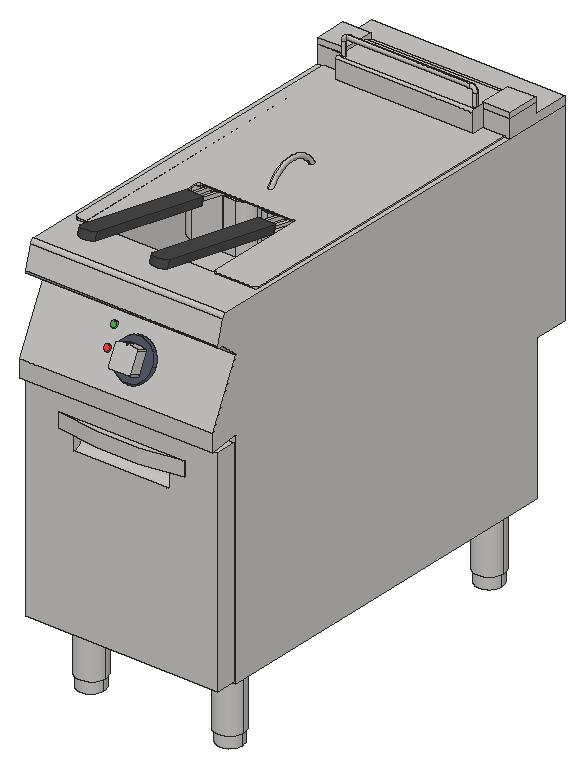
Revit family "QF_ZANUSSI_392094_Z9FRED1HF0", category Specialty Equipment, Revit 2018
Family settings
  Round Connector Dimension = Use Diameter
  Part Type = Normal
  Work Plane-Based = No
  Always vertical = Yes
  Cut with Voids When Loaded = No
  Shared = No
  Room Calculation Point = No
Parameters
  Width = 400 mm  # constant formula
  Weight in Pounds = 50  # constant formula
  Weight = 0.00 kg
  Watts = 10000 W  # constant formula
  Volts = 400 V  # constant formula
  URL Manufacturer = "http://www.zanussiprofessional.com"
  URL Cutsheet = "www.electrolux.com/foodservice"
  URL = "http://www.zanussiprofessional.com"
  Type Mark [instance] = ""
  Steam Supply Size = 0"
  Steam Supply Minimum Pressure = 0.00 psi
  Steam Supply Maximum Pressure = 0.00 psi
  Steam Pounds per Hour = 0
  Status [instance] = ""
  Specification by User [instance] = ""
  Specification by Manufacturer = ""
  Show Logo [instance] = yes
  Show Clearance [instance] = yes
  Serial Number = ""
  Seismic Rating = ""
  SMACNA No = ""
  Revision Code [instance] = ""
  Refrigeration Suction Line Size = 0"
  Refrigeration Liquid Line Size = 0"
  Refrigerant Compressor Remote = yes
  Phase = 3
  Omniclass Number and Title = ""
  Number of Poles [instance] = 1
  NAFEM Spec ID Number = ""
  Model = "Z9FRED1HF0"
  Min Ckt Ampacity = 0 A
  Max Overcurrent Protection = 0 A
  Masterspec = ""
  Manufacturer = "Zanussi"
  Length Actual = 400 mm  # constant formula
  Item Number [instance] = "392094"
  Installed By [instance] = ""
  Identify Quantity as Lot [instance] = yes
  Hot Water Size = 0"
  Height Actual = 850 mm  # constant formula
  Height = 850 mm  # constant formula
  HP = "22.1 HP"
  Gas Size = 0"
  Gas KW = 0
  Gas Input = 0.0 Btu/h
  Furnished By [instance] = ""
  Foodservice Equipment Identifier [instance] = yes
  FL Amps = if(Phase = 3, Watts / (Volts * 1.73), Watts / Volts)  # 14.4509 A
  Electrical Remarks [instance] = "400 V/3N ph/50/60 Hz"  # constant formula
  Electric Connection Type [instance] = ""
  Elec Conn RI Height [instance] = 0 mm
  Elec Conn Connection Height [instance] = 0 mm
  Direct Waste Size = 0"
  Description = "18LT EL.FRYER-1 WELL+2 1/2 BASKETS"
  Depth Actual = 900 mm  # constant formula
  Depth = 915 mm  # constant formula
  Cycle [instance] = if([60 Hertz Option], 60 Hz, 50 Hz)  # 60 Hz
  Conn Plug = ""
  Conn Conduit = yes
  Condensate Return Size = 0"
  Compressed Air Volume = 0 GPM
  Compressed Air Size = 0"
  Compressed Air Pressure = 0.00 psi
  Cold Water Size = 0"
  CSI MasterFormat = ""
  CSI Master Format = ""
  Base Height [instance] = 150 mm  # constant formula
  Apparent Power = if(Phase = 3, Volts * FL Amps * 1.73, Volts * FL Amps)  # 10000 VA
  Accessory = yes
  60 Hertz Option [instance] = not([50 Hertz Option])  # yes
  50 Hertz Option [instance] = no
Reference planes
  plane 1 "BACK": y = 0
  plane 2: z = 0
  plane 3 "LEFT": x = 0
  plane 4 "RIGHT": x = 400
  plane 5 "FRONT": y = -915
  plane 6 "TOP": z = 908
  plane 7 "Center Y": x = 200
  plane 8 "Center X": y = -457.5
  plane 9 "BASE": z = 600
  plane 10 "TOP A": z = 850
  plane 11: z = 150
  plane 12: y = -126
  plane 13: y = -800
  plane 14: x = 344
  plane 15: x = 56
  plane 16: x = 344
  plane 17: y = -650
  plane 18: z = 920
  plane 19: z = 930
  plane 20: y = -1273
  plane 21: x = 355
  plane 22: y = -1455
  plane 23: z = 934
Forms (mm)
  Extrusion 1, solid, material "QF_Finishes_Stainless Steel"
    sketch origin (0, 0, 0) x (0, 1, 0) y (0, 0, 1)
      loop
        line (0, 450.038) -> (0, 850) -> (-879.358, 850)
        arc (-879.358, 850) -> (-884.643, 847.811) -> (-886.833, 842.526) r 7.474
        line (-886.833, 842.526) -> (-899.884, 797.011)
        arc (-899.884, 797.011) -> (-899.396, 794.379) -> (-897, 793.184) r 3
        line (-897, 793.184) -> (-886.802, 793.184) -> (-854.982, 761.364) -> (-915, 640.508) -> (-915, 605.508) -> (-858.645, 613.428)
        arc (-858.645, 613.428) -> (-856.101, 612.674) -> (-855, 610.259) r 3.2
        line (-855, 610.259) -> (-855, 150) -> (-71.437, 150) -> (-71.437, 450.038) -> (0, 450.038)
      loop
        line (-900, 600) -> (-900, 155) -> (-860, 155) -> (-860, 600) -> (-900, 600)
    from 0 to 400
  Extrusion 2, void
    sketch origin (0, 0, 850) x (-1, 0, 0) y (0, -1, 0)
      loop
        line (-33.338, 141.304) -> (-33.338, 787.143) -> (-366.662, 787.143) -> (-366.662, 141.304) -> (-33.338, 141.304)
    from 0 to -152.4
  Extrusion 3, solid, material "QF_Finishes_Stainless Steel"
    sketch origin (0, 0, 850) x (-1, 0, 0) y (0, -1, 0)
      loop
        arc (-11.548, 780.793) -> (-13.408, 785.283) -> (-17.898, 787.143) r 6.35
        line (-17.898, 787.143) -> (-90.863, 787.143)
        arc (-90.863, 787.143) -> (-95.353, 785.283) -> (-97.213, 780.793) r 6.35
        line (-97.213, 780.793) -> (-97.213, 579.046)
        arc (-97.213, 579.046) -> (-99.072, 574.555) -> (-103.563, 572.696) r 6.35
        line (-103.563, 572.696) -> (-293.937, 572.696)
        arc (-293.937, 572.696) -> (-298.428, 574.555) -> (-300.287, 579.046) r 6.35
        line (-300.287, 579.046) -> (-300.287, 780.818)
        arc (-300.287, 780.818) -> (-302.14, 785.291) -> (-306.613, 787.143) r 6.325
        line (-306.613, 787.143) -> (-382.102, 787.143)
        arc (-382.102, 787.143) -> (-386.592, 785.283) -> (-388.452, 780.793) r 6.35
        line (-388.452, 780.793) -> (-388.452, 141.304) -> (-11.548, 141.304) -> (-11.548, 780.793)
    from 0 to 2.574
  Sweep 4, solid, material "QF_Finishes_Stainless Steel"
    path origin (200, 10.469, 0) x (0, 1, 0) y (0, 0, 1)
      loop
        arc (-415.761, 850) -> (-470.2, 883.779) -> (-524.639, 850) r 60.757
    profile origin (200, -459.731, 883.779) x (0, 0, -1) y (1, 0, 0)
      loop
        circle (0, 0) r 4.353
  Extrusion 5, solid, material "QF_Clearances", visible <- "Show Clearance", detail levels coarse
    sketch origin (0, 0, 0) x (1, 0, 0) y (0, 1, 0)
      loop
        line (0, -915) -> (0, 0) -> (400, 0) -> (400, -915) -> (550.019, -915) -> (550.019, 150.019) -> (-150.019, 150.019) -> (-150.019, -915) -> (0, -915)
    from 0 to 908
  Revolve 6, solid, material "QF_Finishes_Stainless Steel"
    sketch origin (0, -126, 608.09) x (0, 0, 1) y (-1, 0, 0)
      loop
        line (-608.09, -56) -> (-458.09, -56) -> (-458.09, -26) -> (-583.09, -26) -> (-583.09, -29.75) -> (-608.09, -29.75) -> (-608.09, -56)
      axis (-608.09, -56) -> (-458.09, -56)
    angle from 0 to 360
  Revolve 7, solid, material "QF_Finishes_Stainless Steel"
    sketch origin (400.05, -126, 608.09) x (0, 0, 1) y (-1, 0, 0)
      loop
        line (-608.09, 56.05) -> (-608.09, 29.8) -> (-583.09, 29.8) -> (-583.09, 26.05) -> (-458.09, 26.05) -> (-458.09, 56.05) -> (-608.09, 56.05)
      axis (-608.09, 56.05) -> (-458.09, 56.05)
    angle from 0 to 360
  Revolve 8, solid, material "QF_Finishes_Stainless Steel"
    sketch origin (400.05, -800, 608.09) x (0, 0, 1) y (-1, 0, 0)
      loop
        line (-608.09, 56.05) -> (-608.09, 29.8) -> (-583.09, 29.8) -> (-583.09, 26.05) -> (-458.09, 26.05) -> (-458.09, 56.05) -> (-608.09, 56.05)
      axis (-608.09, 56.05) -> (-458.09, 56.05)
    angle from 0 to 360
  Revolve 9, solid, material "QF_Finishes_Stainless Steel"
    sketch origin (0, -800, 608.09) x (0, 0, 1) y (1, 0, 0)
      loop
        line (-608.09, 56) -> (-608.09, 29.75) -> (-583.09, 29.75) -> (-583.09, 26) -> (-458.09, 26) -> (-458.09, 56) -> (-608.09, 56)
      axis (-608.09, 56) -> (-458.09, 56)
    angle from 0 to 360
  Extrusion 10, solid, material "QF_Finishes_Mesh"
    sketch origin (-0.005, -64.779, 844.25) x (-1, 0, 0) y (0, -1, 0)
      loop
        arc (-76.6, 120.481) -> (-58.64, 127.92) -> (-51.2, 145.881) r 25.4
        line (-51.2, 145.881) -> (-51.2, 473.61)
        arc (-51.2, 473.61) -> (-58.64, 491.571) -> (-76.6, 499.01) r 25.4
        line (-76.6, 499.01) -> (-166.875, 499.01)
        arc (-166.875, 499.01) -> (-184.836, 491.571) -> (-192.275, 473.61) r 25.4
        line (-192.275, 473.61) -> (-192.275, 145.881)
        arc (-192.275, 145.881) -> (-184.836, 127.92) -> (-166.875, 120.481) r 25.4
        line (-166.875, 120.481) -> (-76.6, 120.481)
      loop
        arc (-76.6, 123.656) -> (-60.885, 130.165) -> (-54.375, 145.881) r 22.225
        line (-54.375, 145.881) -> (-54.375, 473.61)
        arc (-54.375, 473.61) -> (-60.885, 489.326) -> (-76.6, 495.835) r 22.225
        line (-76.6, 495.835) -> (-166.875, 495.835)
        arc (-166.875, 495.835) -> (-182.591, 489.326) -> (-189.1, 473.61) r 22.225
        line (-189.1, 473.61) -> (-189.1, 145.881)
        arc (-189.1, 145.881) -> (-182.591, 130.165) -> (-166.875, 123.656) r 22.225
        line (-166.875, 123.656) -> (-76.6, 123.656)
    from -109 to -5.315
  Extrusion 11, solid, material "QF_Finishes_Stainless Steel"
    sketch origin (0, 65, 150) x (-1, 0, 0) y (0, 1, 0)
      loop
        circle (-355, -715) r 6.35
    from -42.288 to -11.979
  Extrusion 12, solid, material "QF_Clearances", visible <- "Show Clearance", detail levels coarse
    sketch origin (0, 0, 850) x (-1, 0, 0) y (0, -1, 0)
      loop
        line (-80, 885) -> (-80, 1455) -> (-320, 1455) -> (-320, 885) -> (-80, 885)
    from -695 to -250
  Extrusion 13, solid, material "QF_Finishes_Door Clearance", visible <- "Show Clearance", detail levels coarse
    sketch origin (0, -200, 850) x (-1, 0, 0) y (0, -1, 0)
      loop
        line (-400, 1071.999) -> (-400, 672.137) -> (-0.138, 672.137)
        arc (-0.138, 672.137) -> (-117.295, 954.842) -> (-400, 1071.999) r 400
    from -695 to -250
  Extrusion 14, solid, material "QF_Finishes_Stainless Steel"
    sketch origin (-77.88, -4772, 130) x (-1, 0, 0) y (0, -1, 0)
      loop
        arc (-147.606, -3871.085) -> (-277.88, -3857) -> (-408.153, -3871.085) r 609.497
        line (-408.153, -3871.085) -> (-408.153, -3872) -> (-147.606, -3872) -> (-147.606, -3871.085)
    from 400 to 430
  Extrusion 15, void
    sketch origin (200, -227.863, -20) x (0, 1, 0) y (0, 0, 1)
      loop
        line (-672.137, 567) -> (-672.137, 517)
        arc (-672.137, 517) -> (-656.47, 524.721) -> (-650.137, 541) r 24.091
        line (-650.137, 541) -> (-650.137, 567) -> (-672.137, 567)
    from -100 to 100
  Blend 16, solid, material "QF_Finishes_Navy Blue"
    base sketch origin (215, -884.991, 700.936) x (1, 0, 0) y (0, 0.444781, 0.895639)
      loop
        circle (0, 0) r 42.5
    top sketch origin (215, -884.991, 700.936) x (1, 0, 0) y (0, 0.444781, 0.895639)
      loop
        circle (0, 0) r 40.5
    from 0 to 5
  Extrusion 17, solid, material "QF_Finishes_Stainless Steel"
    sketch origin (-17.5, -884.991, 700.936) x (1, 0, 0) y (0, 0.444781, 0.895639)
      loop
        arc (211.353, 22.789) -> (210.006, 21.685) -> (209.5, 20.019) r 2.997
        line (209.5, 20.019) -> (209.5, -20.019)
        arc (209.5, -20.019) -> (210.378, -22.138) -> (212.497, -23.016) r 2.997
        line (212.497, -23.016) -> (252.503, -23.016)
        arc (252.503, -23.016) -> (254.622, -22.138) -> (255.5, -20.019) r 2.997
        line (255.5, -20.019) -> (255.5, 20.019)
        arc (255.5, 20.019) -> (254.994, 21.685) -> (253.647, 22.789) r 2.997
        arc (253.647, 22.789) -> (232.5, 26.984) -> (211.353, 22.789) r 55.4
    from 10 to 34
  Extrusion 18, solid, material "QF_Plastic-Black-Matte"
    sketch origin (157.5, -884.991, 700.936) x (0, 0.444781, 0.895639) y (0, 0.895639, -0.444781)
      loop
        line (26.984, -34) -> (23.984, -34) -> (23.984, -35) -> (26.984, -35)
        arc (26.984, -35) -> (27.691, -34.707) -> (27.984, -34) r 1
        line (27.984, -34) -> (27.984, -19) -> (26.984, -19) -> (26.984, -34)
    from -58.5 to -56.5
  Extrusion 19, solid, material "QF_Finishes_Stainless Steel"
    sketch origin (215, -884.991, 700.936) x (-1, 0, 0) y (0, -0.444781, -0.895639)
      loop
        line (17.5, -17.5) -> (17.5, 17.5) -> (-17.5, 17.5) -> (-17.5, -17.5) -> (17.5, -17.5)
    from 5 to 10
  Extrusion 20, solid, material "QF_Finishes_Green"
    sketch origin (-242.5, -1029.045, 410.86) x (0, 0.444781, 0.895639) y (-1, 0, 0)
      loop
        circle (366.376, -400) r 6
    from 0 to 1.6
  Extrusion 21, solid, material "QF_Finishes_Red"
    sketch origin (-242.5, -1047.155, 374.393) x (0, 0.444781, 0.895639) y (-1, 0, 0)
      loop
        circle (366.376, -400) r 6
    from 0 to 1.6
  Extrusion 22, solid, material "QF_Finishes_Stainless Steel"
    sketch origin (190.933, 109.885, 107.43) x (0, 0.984808, 0.173648) y (0, -0.173648, 0.984808)
      loop
        line (-545.228, 740.809) -> (-527.301, 842.477) -> (-586.235, 865.45) -> (-588.541, 859.533) -> (-534.459, 838.452) -> (-551.481, 741.912) -> (-545.228, 740.809)
    from -80.476 to -74.619
  Extrusion 23, solid, material "QF_Finishes_Stainless Steel"
    sketch origin (59.058, 109.885, 107.43) x (0, 0.984808, 0.173648) y (0, 0.173648, -0.984808)
      loop
        line (-527.301, -842.477) -> (-545.228, -740.809) -> (-551.481, -741.912) -> (-534.459, -838.452) -> (-588.541, -859.533) -> (-586.235, -865.45) -> (-527.301, -842.477)
    from -80.476 to -74.619
  Extrusion 24, solid, material "QF_Finishes_Black"
    sketch origin (59.004, -830.695, 905.392) x (0, 0.980628, -0.195878) y (-1, 0, 0)
      loop
        arc (-64.349, -47.345) -> (-74.576, -65.962) -> (-64.349, -84.58) r 22.059
        line (-64.349, -84.58) -> (214.638, -84.58)
        arc (214.638, -84.58) -> (217.113, -83.554) -> (218.138, -81.08) r 3.5
        line (218.138, -81.08) -> (218.138, -50.854)
        arc (218.138, -50.854) -> (217.11, -48.372) -> (214.629, -47.345) r 3.509
        line (214.629, -47.345) -> (-64.349, -47.345)
    from -15.884 to 0
  Sweep 25, solid, material "QF_Finishes_Stainless Steel"
    path origin (-1.25, 0, -1) x (1, 0, 0) y (0, 0, 1)
      loop
        line (67.188, 851) -> (67.188, 922.65)
        arc (67.188, 922.65) -> (69.047, 927.14) -> (73.538, 929) r 6.35
        line (73.538, 929) -> (329.725, 929)
        arc (329.725, 929) -> (334.215, 927.14) -> (336.075, 922.65) r 6.35
        line (336.075, 922.65) -> (336.075, 851)
    profile origin (65.938, 0, 885.825) x (-1, 0, 0) y (0, -1, 0)
      loop
        circle (2.09, 153.254) r 3.827
  Extrusion 26, solid, material "QF_Finishes_Stainless Steel"
    sketch origin (200, 0, -1) x (0, 1, 0) y (0, 0, 1)
      loop
        line (-141.304, 888.806) -> (-141.304, 851) -> (0, 851) -> (0, 869.806) -> (-75.122, 869.806) -> (-75.122, 888.806) -> (-141.304, 888.806)
    from -200 to 200
  Extrusion 27, solid, material "QF_Finishes_Stainless Steel"
    sketch origin (0, 0, -1) x (0, 1, 0) y (0, 0, 1)
      loop
        line (-90.124, 895.625) -> (-161.384, 895.625)
        arc (-161.384, 895.625) -> (-164.92, 894.161) -> (-166.384, 890.625) r 5
        line (-166.384, 890.625) -> (-166.384, 851) -> (-90.124, 851) -> (-90.124, 895.625)
    from 57.61 to 342.39
  Extrusion 28, solid, material "QF_Finishes_Stainless Steel"
    sketch origin (200, -141.304, 887.806) x (0, 1, 0) y (-1, 0, 0)
      loop
        line (0, 200) -> (0, 142.39) -> (66.182, 142.39) -> (66.182, 200) -> (0, 200)
      loop
        line (0, -200) -> (66.182, -200) -> (66.182, -142.39) -> (0, -142.39) -> (0, -200)
    from 0 to 11.194
  Extrusion 29, solid, material "QF_Finishes_Stainless Steel"
    sketch origin (340.933, 109.885, 107.43) x (0, 0.984808, 0.173648) y (0, -0.173648, 0.984808)
      loop
        line (-545.228, 740.809) -> (-527.301, 842.477) -> (-586.235, 865.45) -> (-588.541, 859.533) -> (-534.459, 838.452) -> (-551.481, 741.912) -> (-545.228, 740.809)
    from -80.476 to -74.619
  Extrusion 30, solid, material "QF_Finishes_Stainless Steel"
    sketch origin (209.058, 109.885, 107.43) x (0, 0.984808, 0.173648) y (0, 0.173648, -0.984808)
      loop
        line (-527.301, -842.477) -> (-545.228, -740.809) -> (-551.481, -741.912) -> (-534.459, -838.452) -> (-588.541, -859.533) -> (-586.235, -865.45) -> (-527.301, -842.477)
    from -80.476 to -74.619
  Extrusion 31, solid, material "QF_Finishes_Black"
    sketch origin (209.004, -830.695, 905.392) x (0, 0.980628, -0.195878) y (-1, 0, 0)
      loop
        arc (-64.349, -47.345) -> (-74.576, -65.962) -> (-64.349, -84.58) r 22.059
        line (-64.349, -84.58) -> (214.638, -84.58)
        arc (214.638, -84.58) -> (217.113, -83.554) -> (218.138, -81.08) r 3.5
        line (218.138, -81.08) -> (218.138, -50.854)
        arc (218.138, -50.854) -> (217.11, -48.372) -> (214.629, -47.345) r 3.509
        line (214.629, -47.345) -> (-64.349, -47.345)
    from -15.884 to 0
  Extrusion 32, solid, material "QF_Finishes_Mesh"
    sketch origin (400.005, -64.779, 844.25) x (1, 0, 0) y (0, 1, 0)
      loop
        line (-76.6, -120.481) -> (-166.875, -120.481)
        arc (-166.875, -120.481) -> (-184.836, -127.92) -> (-192.275, -145.881) r 25.4
        line (-192.275, -145.881) -> (-192.275, -473.61)
        arc (-192.275, -473.61) -> (-184.836, -491.571) -> (-166.875, -499.01) r 25.4
        line (-166.875, -499.01) -> (-76.6, -499.01)
        arc (-76.6, -499.01) -> (-58.64, -491.571) -> (-51.2, -473.61) r 25.4
        line (-51.2, -473.61) -> (-51.2, -145.881)
        arc (-51.2, -145.881) -> (-58.64, -127.92) -> (-76.6, -120.481) r 25.4
      loop
        line (-76.6, -123.656) -> (-166.875, -123.656)
        arc (-166.875, -123.656) -> (-182.591, -130.165) -> (-189.1, -145.881) r 22.225
        line (-189.1, -145.881) -> (-189.1, -473.61)
        arc (-189.1, -473.61) -> (-182.591, -489.326) -> (-166.875, -495.835) r 22.225
        line (-166.875, -495.835) -> (-76.6, -495.835)
        arc (-76.6, -495.835) -> (-60.885, -489.326) -> (-54.375, -473.61) r 22.225
        line (-54.375, -473.61) -> (-54.375, -145.881)
        arc (-54.375, -145.881) -> (-60.885, -130.165) -> (-76.6, -123.656) r 22.225
    from -109 to -5.315
Cuts and joins
  Extrusion 2, Extrusion 15 cuts Extrusion 1
  joined: Extrusion 3, Sweep 4
Lines and regions (mm)
  Split face 1
    outline origin (215, -889.469, 703.16) x (1, 0, 0) y (0, 0.444781, 0.895639)
      loop
        circle (0, 33) r 1
  Split face 2
    outline origin (215, -889.469, 703.16) x (1, 0, 0) y (0, 0.444781, 0.895639)
      loop
        circle (-33, 0) r 1
  Split face 3
    outline origin (215, -889.469, 703.16) x (-1, 0, 0) y (0, 0.444781, 0.895639)
      loop
        circle (31.876, -8.541) r 1
  Split face 4
    outline origin (215, -889.469, 703.16) x (-1, 0, 0) y (0, 0.444781, 0.895639)
      loop
        circle (28.579, -16.5) r 1
  Split face 5
    outline origin (215, -889.469, 703.16) x (-1, 0, 0) y (0, 0.444781, 0.895639)
      loop
        circle (23.335, -23.335) r 1
  Split face 6
    outline origin (215, -889.469, 703.16) x (-1, 0, 0) y (0, 0.444781, 0.895639)
      loop
        circle (16.5, -28.579) r 1
  Split face 7
    outline origin (215, -889.469, 703.16) x (-1, 0, 0) y (0, 0.444781, 0.895639)
      loop
        circle (8.541, -31.876) r 1
  Split face 8
    outline origin (215, -889.469, 703.16) x (1, 0, 0) y (0, -0.444781, -0.895639)
      loop
        circle (33, 0) r 1
  Split face 9
    outline origin (215, -889.469, 703.16) x (-1, 0, 0) y (0, -0.444781, -0.895639)
      loop
        circle (-8.541, 31.876) r 1
  Split face 10
    outline origin (215, -889.469, 703.16) x (-1, 0, 0) y (0, -0.444781, -0.895639)
      loop
        circle (-16.5, 28.579) r 1
  Split face 11
    outline origin (215, -889.469, 703.16) x (-1, 0, 0) y (0, -0.444781, -0.895639)
      loop
        circle (-23.335, 23.335) r 1
  Split face 12
    outline origin (215, -889.469, 703.16) x (-1, 0, 0) y (0, -0.444781, -0.895639)
      loop
        circle (-28.579, 16.5) r 1
  Split face 13
    outline origin (215, -889.469, 703.16) x (-1, 0, 0) y (0, -0.444781, -0.895639)
      loop
        circle (-31.876, 8.541) r 1
  Split face 14
    outline origin (215, -889.469, 703.16) x (1, 0, 0) y (0, 0.444781, 0.895639)
      loop
        circle (0, -33) r 1
  symbolic lines, style "QF_Clearances", visible <- "Show Clearance", detail levels coarse
    curve 1: line (-150.019, 150.019, 850) -> (-150.019, -915, 850)
    curve 2: line (550.019, 150.019, 850) -> (-150.019, 150.019, 850)
    curve 3: line (550.019, -915, 850) -> (550.019, 150.019, 850)
    curve 30: line (80, -1455, 850) -> (80, -915, 850)
    curve 31: line (80, -1455, 850) -> (320, -1455, 850)
    curve 32: line (320, -1455, 850) -> (320, -915, 850)
  symbolic lines
    curve 4: line (0, -915, 850) -> (0, 0, 850)
    curve 5: line (400, 0, 850) -> (400, -915, 850)
    curve 6: line (11.548, -141.304, 850) -> (11.548, -780.849, 850)
    curve 7: arc (11.548, -780.849, 850) -> (13.428, -785.386, 850) -> (17.965, -787.265, 850) r 6.416
    curve 8: line (17.965, -787.265, 850) -> (106.378, -787.265, 850)
    curve 9: arc (90.94, -787.265, 850) -> (95.375, -785.428, 850) -> (97.213, -780.993, 850) r 6.272
    curve 10: line (97.213, -780.993, 850) -> (97.213, -579.046, 850)
    curve 11: arc (97.213, -579.046, 850) -> (99.072, -574.555, 850) -> (103.563, -572.696, 850) r 6.35
    curve 12: line (103.563, -572.696, 850) -> (293.938, -572.696, 850)
    curve 13: arc (293.938, -572.696, 850) -> (298.428, -574.555, 850) -> (300.288, -579.046, 850) r 6.35
    curve 14: line (300.288, -579.046, 850) -> (300.288, -780.818, 850)
    curve 15: arc (300.287, -780.818, 850) -> (302.14, -785.291, 850) -> (306.613, -787.143, 850) r 6.325
    curve 16: arc (382.234, -787.143, 850) -> (386.63, -785.322, 850) -> (388.452, -780.925, 850) r 6.218
    curve 17: line (388.452, -780.925, 850) -> (388.452, -141.304, 850)
    curve 18: line (400, -915, 850) -> (238, -915, 850)
    curve 20: line (143.613, -896.863, 850) -> (143.613, -623.275, 850)
    curve 21: line (106.378, -623.284, 850) -> (106.378, -896.954, 850)
    curve 22: line (140.113, -619.894, 850) -> (109.887, -619.894, 850)
    curve 23: line (116.314, -572.696, 850) -> (116.314, -619.894, 850)
    curve 24: line (110.457, -619.894, 850) -> (110.457, -572.696, 850)
    curve 25: line (133.677, -619.894, 850) -> (133.677, -572.696, 850)
    curve 26: spline (109.887, -619.894, 850) -> (109.429, -619.923, 850) -> (108.979, -620.01, 850) -> (108.544, -620.152, 850) -> (108.133, -620.348, 850) -> (107.751, -620.595, 850) -> (107.406, -620.887, 850) -> (107.103, -621.22, 850) -> (106.848, -621.589, 850) -> (106.645, -621.987, 850) -> (106.498, -622.406, 850) -> (106.408, -622.841, 850) -> (106.378, -623.284, 850)
    curve 27: spline (143.613, -623.275, 850) -> (143.583, -622.834, 850) -> (143.494, -622.4, 850) -> (143.346, -621.981, 850) -> (143.144, -621.584, 850) -> (142.89, -621.217, 850) -> (142.588, -620.884, 850) -> (142.244, -620.593, 850) -> (141.863, -620.347, 850) -> (141.452, -620.151, 850) -> (141.019, -620.009, 850) -> (140.57, -619.923, 850) -> (140.113, -619.894, 850)
    curve 28: line (139.534, -572.696, 850) -> (139.534, -619.894, 850)
    curve 29: line (143.613, -787.265, 850) -> (256.378, -787.265, 850)
    curve 34: line (238, -900, 0) -> (238, -924.347, 0)
    curve 35: arc (238, -924.347, 0) -> (237.854, -924.811, 0) -> (237.468, -925.107, 0) r 0.809
    curve 36: arc (237.468, -925.107, 0) -> (236.28, -925.587, 0) -> (235.003, -925.68, 0) r 4.127
    curve 37: arc (238, -904.292, 0) -> (243.041, -902.458, 0) -> (247.809, -900, 0) r 42.24
    curve 38: arc (238, -906.539, 0) -> (237.498, -905.818, 0) -> (236.701, -905.448, 0) r 1.682
    curve 39: arc (236.701, -905.448, 0) -> (226.398, -903.95, 0) -> (216, -903.441, 0) r 109.079
    curve 40: line (216, -900, 0) -> (216, -905.671, 0)
    curve 41: line (216, -905.671, 0) -> (214, -905.671, 0)
    curve 42: line (214, -905.671, 0) -> (214, -900, 0)
    curve 43: line (192, -900, 0) -> (192, -924.347, 0)
    curve 44: arc (192, -924.347, 0) -> (192.146, -924.811, 0) -> (192.532, -925.107, 0) r 0.809
    curve 45: arc (192.532, -925.107, 0) -> (193.72, -925.587, 0) -> (194.997, -925.68, 0) r 4.127
    curve 46: line (235.003, -925.68, 0) -> (194.997, -925.68, 0)
    curve 47: line (192, -915, 850) -> (0, -915, 850)
    curve 48: line (195.545, -513.12, 850) -> (195.545, -406.344, 850)
    curve 49: line (204.443, -406.344, 850) -> (204.443, -513.12, 850)
    curve 50: arc (195.545, -513.12, 850) -> (199.994, -517.569, 850) -> (204.443, -513.12, 850) r 4.449
    curve 51: arc (195.545, -406.344, 850) -> (199.994, -401.895, 850) -> (204.443, -406.344, 850) r 4.449
    curve 52: line (290.113, -619.894, 850) -> (259.887, -619.894, 850)
    curve 53: line (266.314, -572.696, 850) -> (266.314, -619.894, 850)
    curve 54: line (260.457, -619.894, 850) -> (260.457, -572.696, 850)
    curve 55: line (283.677, -619.894, 850) -> (283.677, -572.696, 850)
    curve 56: spline (259.887, -619.894, 850) -> (259.429, -619.923, 850) -> (258.979, -620.01, 850) -> (258.544, -620.152, 850) -> (258.133, -620.348, 850) -> (257.751, -620.595, 850) -> (257.406, -620.887, 850) -> (257.103, -621.22, 850) -> (256.848, -621.589, 850) -> (256.645, -621.987, 850) -> (256.498, -622.406, 850) -> (256.408, -622.841, 850) -> (256.378, -623.284, 850)
    curve 57: spline (293.613, -623.275, 850) -> (293.583, -622.834, 850) -> (293.494, -622.4, 850) -> (293.346, -621.981, 850) -> (293.144, -621.584, 850) -> (292.89, -621.217, 850) -> (292.588, -620.884, 850) -> (292.244, -620.593, 850) -> (291.863, -620.347, 850) -> (291.452, -620.151, 850) -> (291.019, -620.009, 850) -> (290.57, -619.923, 850) -> (290.113, -619.894, 850)
    curve 58: line (289.534, -572.696, 850) -> (289.534, -619.894, 850)
    curve 59: line (400, -900, 850) -> (291.154, -900, 850)
    curve 60: spline (106.378, -893.843, 850) -> (108.618, -896.718, 850) -> (111.315, -899.186, 850) -> (114.393, -901.18, 850) -> (117.768, -902.642, 850) -> (121.344, -903.532, 850) -> (125.021, -903.826, 850) -> (128.697, -903.514, 850) -> (132.268, -902.607, 850) -> (135.635, -901.128, 850) -> (138.704, -899.119, 850) -> (141.388, -896.637, 850) -> (143.613, -893.751, 850)
    curve 61: spline (143.613, -896.863, 850) -> (141.388, -899.749, 850) -> (138.704, -902.23, 850) -> (135.635, -904.239, 850) -> (132.268, -905.718, 850) -> (128.697, -906.626, 850) -> (125.021, -906.937, 850) -> (121.344, -906.644, 850) -> (117.768, -905.753, 850) -> (114.393, -904.291, 850) -> (111.315, -902.298, 850) -> (108.618, -899.829, 850) -> (106.378, -896.954, 850)
    curve 62: spline (293.613, -896.863, 850) -> (291.388, -899.749, 850) -> (288.704, -902.23, 850) -> (285.635, -904.239, 850) -> (282.268, -905.718, 850) -> (278.697, -906.626, 850) -> (275.021, -906.937, 850) -> (271.344, -906.644, 850) -> (267.768, -905.753, 850) -> (264.393, -904.291, 850) -> (261.315, -902.298, 850) -> (258.618, -899.829, 850) -> (256.378, -896.954, 850)
    curve 63: spline (256.378, -893.843, 850) -> (258.618, -896.718, 850) -> (261.315, -899.186, 850) -> (264.393, -901.18, 850) -> (267.768, -902.642, 850) -> (271.344, -903.532, 850) -> (275.021, -903.826, 850) -> (278.697, -903.514, 850) -> (282.268, -902.607, 850) -> (285.635, -901.128, 850) -> (288.704, -899.119, 850) -> (291.388, -896.637, 850) -> (293.613, -893.751, 850)
    curve 64: line (108.777, -900, 850) -> (0, -900, 850)
    curve 65: line (258.777, -900, 850) -> (141.154, -900, 850)
    curve 66: spline (182.142, -900, 850) -> (182.835, -900.415, 850) -> (183.554, -900.821, 850) -> (184.299, -901.218, 850) -> (185.07, -901.605, 850) -> (185.865, -901.982, 850) -> (186.684, -902.348, 850) -> (187.527, -902.705, 850) -> (188.392, -903.05, 850) -> (189.279, -903.384, 850) -> (190.188, -903.706, 850) -> (191.116, -904.017, 850) -> (192.065, -904.316, 850)
    curve 67: arc (192, -906.539, 0) -> (192.502, -905.818, 0) -> (193.299, -905.448, 0) r 1.682
    curve 68: arc (193.299, -905.448, 0) -> (203.602, -903.95, 0) -> (214, -903.441, 0) r 109.079
    curve 69: line (0, 0, 850) -> (400, 0, 850)
    curve 70: line (400, -75.122, 850) -> (0, -75.122, 850)
    curve 71: line (57.61, -166.384, 850) -> (57.61, -75.122, 850)
    curve 72: line (0, -141.304, 850) -> (57.61, -141.304, 850)
    curve 73: line (57.61, -166.384, 850) -> (342.39, -166.384, 850)
    curve 74: line (342.39, -75.122, 850) -> (342.39, -166.384, 850)
    curve 75: line (342.39, -141.304, 850) -> (400, -141.304, 850)
    curve 76: line (342.39, -90.124, 850) -> (57.61, -90.124, 850)
    curve 77: line (63.551, -149.582, 851) -> (336.449, -149.582, 851)
    curve 78: line (336.449, -157.478, 851) -> (63.551, -157.478, 851)
    curve 79: arc (336.449, -149.582, 851) -> (340.398, -153.53, 851) -> (336.449, -157.478, 851) r 3.948
    curve 80: arc (63.551, -149.582, 851) -> (59.602, -153.53, 851) -> (63.551, -157.478, 851) r 3.948
    curve 81: line (293.613, -896.863, 850) -> (293.613, -623.275, 850)
    curve 82: line (256.378, -623.284, 850) -> (256.378, -896.954, 850)
    curve 83: line (293.613, -787.265, 850) -> (382.234, -787.265, 850)
  symbolic lines, style "QF_Door-Drawer Clearances"
    curve 19: line (53.846, -1072.203, 850) -> (325.76, -915, 850)
    curve 33: arc (2.456, -915, 850) -> (19.937, -996.287, 850) -> (53.846, -1072.203, 850) r 400
Dimensions and locks
  equal spacing: plane 3 "LEFT", plane 7 "Center Y", plane 4 "RIGHT"
  "Width": plane 3 "LEFT" to plane 4 "RIGHT"
  equal spacing: plane 5 "FRONT", plane 8 "Center X", plane 1 "BACK"
  "Depth": plane 5 "FRONT" to plane 1 "BACK"
  plane 1 "BACK" to plane 5 "FRONT" = 915 mm
  locked: plane 10 "TOP A" to plane 9 "BASE" at 250
  plane 6 "TOP" to plane 10 "TOP A" = 58 mm
  "Base Height": plane 11 to level
  plane 1 "BACK" to plane 12 = 126 mm
  plane 12 to plane 13 = 674 mm
  plane 4 "RIGHT" to plane 14 = 56 mm
  plane 16 to plane 15 = 288 mm
  plane 15 to plane 3 "LEFT" = 56 mm
  plane 1 "BACK" to plane 17 = 650 mm
  plane 18 to plane 10 "TOP A" = 70 mm
  plane 10 "TOP A" to plane 19 = 80 mm
  plane 5 "FRONT" to plane 1 "BACK" = 915 mm
  plane 4 "RIGHT" to plane 3 "LEFT" = 400 mm
  plane 5 "FRONT" to plane 20 = 358 mm
  plane 1 "BACK" to curve 2 = 150.019 mm
  plane 4 "RIGHT" to curve 3 = 150.019 mm
  curve 1 to plane 3 "LEFT" = 150.019 mm
  Extrusion 11 sketch curve to plane 1 "BACK" = 650 mm
  Extrusion 11 sketch curve to plane 4 "RIGHT" = 45 mm
  "Height": plane 10 "TOP A" to level
  plane 10 "TOP A" to plane 11 = 700 mm
  plane 10 "TOP A" to plane 11 to level = 700 mm, 150 mm
  plane 21 to plane 4 "RIGHT" = 45 mm
  Extrusion 11 to plane 11 = 11.979 mm
  plane 5 "FRONT" to plane 22 = 540 mm
  Extrusion 11 to plane 1 "BACK" = 650 mm
  aligned and locked: level to plane 2
  aligned and locked: plane 4 "RIGHT" to Extrusion 1
  aligned and locked: plane 6 "TOP" to Extrusion 5
  aligned and locked: plane 13 to Revolve 8
  aligned and locked: plane 12 to Revolve 6
  aligned and locked: plane 12 to Revolve 7
  aligned and locked: plane 13 to Revolve 9
  aligned and locked: cut or joined group of Extrusion 1, Extrusion 2, Extrusion 15 to Extrusion 12
Automatic sketch dimensions
  Sweep 4 sketch curve to plane 10 "TOP A" = 0 mm  (x2)
  Sweep 4 sketch curve to plane 8 "Center X" = 2.231 mm
  Sweep 4 sketch curve to plane 10 "TOP A" = 26.978 mm
  Sweep 4 sketch curve to plane 8 "Center X" = 56.67 mm
  Sweep 4 sketch curve to plane 7 "Center Y" = 0 mm
  Sweep 4 sketch curve to profile plane = 0 mm
  Extrusion 12 sketch curve to plane 22 = 0 mm
  Extrusion 12 sketch curve to plane 14 = 24 mm
  plane 15 to Extrusion 12 sketch curve = 24 mm
  Extrusion 12 sketch curve to plane 5 "FRONT" = 30 mm
  Extrusion 14 sketch curve to plane 7 "Center Y" = 0 mm
  Extrusion 14 sketch curve to plane 14 = 13.727 mm
  plane 15 to Extrusion 14 sketch curve = 13.727 mm
  plane 8 "Center X" to Extrusion 14 sketch curve = 151.997 mm
  Extrusion 14 sketch curve to plane 5 "FRONT" = 15 mm
  Extrusion 14 sketch curve to Extrusion 14 sketch curve = 0.915 mm
  Extrusion 15 sketch curve to plane 5 "FRONT" = 12.909 mm
  Extrusion 15 sketch curve to plane 5 "FRONT" = 15 mm
  Extrusion 15 sketch curve to Extrusion 15 sketch curve = 22 mm
  Extrusion 15 sketch curve to plane 9 "BASE" = 103 mm
  Extrusion 15 sketch curve to Extrusion 15 sketch curve = 26 mm
  plane 7 "Center Y" to Blend 16 sketch curve = 15 mm  (x2)
  Extrusion 17 sketch curve to plane 7 "Center Y" = 8 mm
  Extrusion 17 sketch curve to Extrusion 17 sketch curve = 2.997 mm  (x3)
  plane 7 "Center Y" to Extrusion 17 sketch curve = 15 mm
  Extrusion 17 sketch curve to Extrusion 17 sketch curve = 20.003 mm
  plane 7 "Center Y" to Extrusion 17 sketch curve = 35.003 mm
  Extrusion 17 sketch curve to Extrusion 17 sketch curve = 5.399 mm
  Extrusion 17 sketch curve to Extrusion 17 sketch curve = 40.037 mm
  Extrusion 17 sketch curve to Extrusion 17 sketch curve = 0 mm  (x2)
  Extrusion 18 sketch curve to plane 5 "FRONT" = 9.329 mm
  Extrusion 18 sketch curve to plane 10 "TOP A" = 112.016 mm
  Extrusion 18 sketch curve to Extrusion 18 sketch curve = 3 mm
  Extrusion 18 sketch curve to Extrusion 18 sketch curve = 0 mm
  Extrusion 18 sketch curve to Extrusion 18 sketch curve = 1 mm  (x2)
  Extrusion 18 sketch curve to Extrusion 18 sketch curve = 15 mm
  plane 7 "Center Y" to Extrusion 19 sketch curve = 32.5 mm
  Extrusion 19 sketch curve to plane 7 "Center Y" = 2.5 mm
  Extrusion 19 sketch curve to Extrusion 19 sketch curve = 35 mm
  Extrusion 20 sketch curve to plane 7 "Center Y" = 42.5 mm
  Extrusion 21 sketch curve to plane 7 "Center Y" = 42.5 mm
  plane 10 "TOP A" to Extrusion 22 sketch curve = 1.705 mm
  Extrusion 22 sketch curve to plane 17 = 31.028 mm
  Extrusion 22 sketch curve to Extrusion 22 sketch curve = 2.306 mm
  Extrusion 22 sketch curve to Extrusion 22 sketch curve = 37.06 mm
  Extrusion 22 sketch curve to Extrusion 22 sketch curve = 6.254 mm
  Extrusion 22 sketch curve to Extrusion 22 sketch curve = 54.083 mm
  Extrusion 22 sketch curve to Extrusion 22 sketch curve = 7.158 mm
  Extrusion 22 sketch curve to Extrusion 22 sketch curve = 17.056 mm
  plane 10 "TOP A" to Extrusion 23 sketch curve = 1.705 mm
  Extrusion 23 sketch curve to plane 17 = 31.028 mm
  Extrusion 23 sketch curve to Extrusion 23 sketch curve = 2.306 mm
  Extrusion 23 sketch curve to Extrusion 23 sketch curve = 37.06 mm
  Extrusion 23 sketch curve to Extrusion 23 sketch curve = 6.254 mm
  Extrusion 23 sketch curve to Extrusion 23 sketch curve = 54.083 mm
  Extrusion 23 sketch curve to Extrusion 23 sketch curve = 7.158 mm
  Extrusion 23 sketch curve to Extrusion 23 sketch curve = 5.916 mm
  plane 15 to Extrusion 24 sketch curve = 50.348 mm
  Extrusion 24 sketch curve to Extrusion 24 sketch curve = 0 mm
  Extrusion 24 sketch curve to Extrusion 24 sketch curve = 11.832 mm
  plane 15 to Extrusion 24 sketch curve = 53.858 mm
  Extrusion 24 sketch curve to Extrusion 24 sketch curve = 267.145 mm
  Extrusion 24 sketch curve to Extrusion 24 sketch curve = 3.5 mm
  Extrusion 24 sketch curve to Extrusion 24 sketch curve = 18.617 mm
  Sweep 25 sketch curve to plane 10 "TOP A" = 0 mm  (x2)
  plane 18 to Sweep 25 sketch curve = 1.65 mm  (x2)
  plane 15 to Sweep 25 sketch curve = 9.937 mm
  plane 19 to Sweep 25 sketch curve = 2 mm
  Sweep 25 sketch curve to plane 14 = 15.525 mm
  Sweep 25 sketch curve to profile plane = 2.09 mm
  profile plane to Sweep 25 sketch curve = 153.254 mm
  plane 10 "TOP A" to Extrusion 29 sketch curve = 1.705 mm
  Extrusion 29 sketch curve to plane 17 = 31.028 mm
  Extrusion 29 sketch curve to Extrusion 29 sketch curve = 2.306 mm
  Extrusion 29 sketch curve to Extrusion 29 sketch curve = 37.06 mm
  Extrusion 29 sketch curve to Extrusion 29 sketch curve = 6.254 mm
  Extrusion 29 sketch curve to Extrusion 29 sketch curve = 54.083 mm
  Extrusion 29 sketch curve to Extrusion 29 sketch curve = 7.158 mm
  Extrusion 29 sketch curve to Extrusion 29 sketch curve = 17.056 mm
  plane 10 "TOP A" to Extrusion 30 sketch curve = 1.705 mm
  Extrusion 30 sketch curve to plane 17 = 31.028 mm
  Extrusion 30 sketch curve to Extrusion 30 sketch curve = 2.306 mm
  Extrusion 30 sketch curve to Extrusion 30 sketch curve = 37.06 mm
  Extrusion 30 sketch curve to Extrusion 30 sketch curve = 6.254 mm
  Extrusion 30 sketch curve to Extrusion 30 sketch curve = 54.083 mm
  Extrusion 30 sketch curve to Extrusion 30 sketch curve = 7.158 mm
  Extrusion 30 sketch curve to Extrusion 30 sketch curve = 5.916 mm
  plane 7 "Center Y" to Extrusion 31 sketch curve = 56.348 mm
  Extrusion 31 sketch curve to Extrusion 31 sketch curve = 0 mm
  Extrusion 31 sketch curve to Extrusion 31 sketch curve = 11.832 mm
  plane 7 "Center Y" to Extrusion 31 sketch curve = 59.858 mm
  Extrusion 31 sketch curve to Extrusion 31 sketch curve = 267.145 mm
  Extrusion 31 sketch curve to Extrusion 31 sketch curve = 3.5 mm
  Extrusion 31 sketch curve to Extrusion 31 sketch curve = 18.617 mm
  curve 43 to plane 7 "Center Y" = 8 mm
  curve 44 to curve 44 = 0.809 mm
  curve 67 to curve 67 = 1.583 mm
  curve 44 to curve 45 = 1.846 mm
  curve 44 to curve 46 = 2.189 mm
  plane 7 "Center Y" to curve 41 = 14 mm
  plane 7 "Center Y" to curve 68 = 14.131 mm
  curve 68 to curve 39 = 1.738 mm
  curve 41 to curve 41 = 2 mm
  plane 7 "Center Y" to curve 37 = 26.108 mm
  curve 40 to curve 46 = 19.003 mm
  curve 36 to curve 36 = 0.343 mm
  curve 36 to curve 38 = 1.071 mm
  curve 36 to curve 35 = 2.189 mm
  curve 35 to curve 34 = 0.809 mm
  plane 5 "FRONT" to curve 39 = 97.519 mm
  curve 68 to curve 39 = 0 mm
  plane 5 "FRONT" to curve 46 = 10.68 mm
  curve 45 to curve 43 = 1.333 mm
  curve 36 to curve 35 = 1.333 mm
  curve 35 to curve 36 = 2.779 mm
  curve 44 to curve 45 = 2.779 mm
  curve 67 to plane 5 "FRONT" = 7.894 mm
  curve 38 to plane 5 "FRONT" = 7.894 mm
  curve 42 to plane 5 "FRONT" = 9.329 mm
  curve 40 to curve 37 = 41.91 mm
  curve 68 to curve 67 = 0.284 mm
  curve 38 to curve 39 = 0.284 mm
  curve 34 to curve 37 = 9.809 mm
  curve 67 to curve 67 = 0.567 mm
  curve 38 to curve 38 = 0.567 mm
  curve 39 to curve 37 = 1.156 mm
  curve 68 to curve 42 = 3.441 mm
  curve 42 to curve 40 = 0 mm
  curve 37 to curve 34 = 4.292 mm
  curve 68 to curve 43 = 5.448 mm
  Extrusion 1 sketch curve to plane 5 "FRONT" = 0 mm
  Extrusion 1 sketch curve to plane 9 "BASE" = 0 mm
  Extrusion 1 sketch curve to plane 10 "TOP A" = 0 mm
  Extrusion 1 sketch curve to plane 11 = 0 mm
  Extrusion 1 sketch curve to plane 1 "BACK" = 0 mm
  Extrusion 1 sketch curve to plane 5 "FRONT" = 15 mm
  Extrusion 1 sketch curve to plane 5 "FRONT" = 15.116 mm
  Extrusion 1 sketch curve to Extrusion 1 sketch curve = 2.884 mm
  Extrusion 1 sketch curve to plane 10 "TOP A" = 7.474 mm
  Extrusion 1 sketch curve to plane 5 "FRONT" = 28.167 mm
  Extrusion 1 sketch curve to Extrusion 1 sketch curve = 10.198 mm
  Extrusion 1 sketch curve to Extrusion 1 sketch curve = 40 mm
  plane 9 "BASE" to Extrusion 1 sketch curve = 13.428 mm
  Extrusion 1 sketch curve to Extrusion 1 sketch curve = 1.355 mm
  Extrusion 1 sketch curve to Extrusion 1 sketch curve = 0.445 mm
  Extrusion 1 sketch curve to Extrusion 1 sketch curve = 5 mm
  Extrusion 1 sketch curve to Extrusion 1 sketch curve = 31.82 mm
  Extrusion 1 sketch curve to plane 12 = 54.563 mm
  plane 11 to Extrusion 1 sketch curve = 5 mm
  Extrusion 1 sketch curve to plane 9 "BASE" = 149.962 mm
  plane 9 "BASE" to Extrusion 1 sketch curve = 5.508 mm
  Extrusion 1 sketch curve to Extrusion 1 sketch curve = 35 mm
  Extrusion 1 sketch curve to Extrusion 1 sketch curve = 81.162 mm
  Extrusion 1 sketch curve to Extrusion 1 sketch curve = 49.342 mm
  Extrusion 1 sketch curve to Extrusion 1 sketch curve = 3 mm
  Extrusion 2 sketch curve to plane 21 = 11.663 mm
  Extrusion 2 sketch curve to plane 15 = 22.662 mm
  plane 12 to Extrusion 2 sketch curve = 15.304 mm
  Extrusion 2 sketch curve to plane 13 = 12.857 mm
  Extrusion 3 sketch curve to plane 4 "RIGHT" = 11.548 mm
  Extrusion 3 sketch curve to Extrusion 3 sketch curve = 6.35 mm  (x3)
  Extrusion 3 sketch curve to plane 14 = 37.387 mm
  Extrusion 3 sketch curve to plane 14 = 43.712 mm
  plane 15 to Extrusion 3 sketch curve = 47.563 mm
  Extrusion 3 sketch curve to plane 13 = 19.207 mm  (x2)
  plane 15 to Extrusion 3 sketch curve = 41.213 mm
  plane 3 "LEFT" to Extrusion 3 sketch curve = 17.898 mm
  plane 3 "LEFT" to Extrusion 3 sketch curve = 11.548 mm
  Extrusion 3 sketch curve to plane 17 = 70.954 mm
  plane 12 to Extrusion 3 sketch curve = 15.304 mm
  plane 5 "FRONT" to Extrusion 5 sketch curve = 0 mm  (x2)
  plane 1 "BACK" to Extrusion 5 sketch curve = 0 mm
  Extrusion 5 sketch curve to plane 3 "LEFT" = 0 mm
  Extrusion 5 sketch curve to plane 4 "RIGHT" = 0 mm
  Extrusion 5 sketch curve to plane 3 "LEFT" = 150.019 mm
  plane 4 "RIGHT" to Extrusion 5 sketch curve = 150.019 mm
  Extrusion 5 sketch curve to plane 1 "BACK" = 150.019 mm
  Revolve 6 sketch curve to level = 0 mm
  Revolve 6 sketch curve to plane 11 = 0 mm  (x2)
  Revolve 6 sketch curve to plane 15 = 0 mm  (x2)
  level to Revolve 6 sketch curve = 25 mm
  Revolve 6 sketch curve to plane 15 = 26.25 mm
  plane 3 "LEFT" to Revolve 6 sketch curve = 26 mm
  plane 11 to Revolve 6 sketch curve = 20 mm
  Revolve 7 sketch curve to level = 0 mm
  Revolve 7 sketch curve to plane 11 = 0 mm  (x2)
  Revolve 7 sketch curve to plane 14 = 0 mm  (x2)
  level to Revolve 7 sketch curve = 25 mm
  Revolve 7 sketch curve to plane 21 = 15.25 mm
  Revolve 7 sketch curve to plane 21 = 19 mm
  plane 11 to Revolve 7 sketch curve = 20 mm
  Revolve 8 sketch curve to level = 0 mm
  Revolve 8 sketch curve to plane 11 = 0 mm  (x2)
  Revolve 8 sketch curve to plane 14 = 0 mm  (x2)
  level to Revolve 8 sketch curve = 25 mm
  Revolve 8 sketch curve to plane 21 = 15.25 mm
  Revolve 8 sketch curve to plane 21 = 19 mm
  plane 11 to Revolve 8 sketch curve = 20 mm
  Revolve 9 sketch curve to level = 0 mm
  Revolve 9 sketch curve to plane 11 = 0 mm  (x2)
  plane 15 to Revolve 9 sketch curve = 0 mm  (x2)
  level to Revolve 9 sketch curve = 25 mm
  Revolve 9 sketch curve to plane 15 = 26.25 mm
  plane 3 "LEFT" to Revolve 9 sketch curve = 26 mm
  plane 11 to Revolve 9 sketch curve = 20 mm
  Extrusion 10 sketch curve to Extrusion 10 sketch curve = 0 mm  (x8)
  Extrusion 10 sketch curve to plane 7 "Center Y" = 7.729 mm
  Extrusion 10 sketch curve to Extrusion 10 sketch curve = 3.175 mm
  Extrusion 10 sketch curve to plane 7 "Center Y" = 33.129 mm
  Extrusion 10 sketch curve to Extrusion 10 sketch curve = 22.225 mm
  plane 15 to Extrusion 10 sketch curve = 20.596 mm  (x2)
  Extrusion 10 sketch curve to plane 15 = 1.629 mm
  plane 12 to Extrusion 10 sketch curve = 59.26 mm
  Extrusion 10 sketch curve to plane 8 "Center X" = 80.89 mm
  Extrusion 13 sketch curve to plane 4 "RIGHT" = 0 mm
  plane 4 "RIGHT" to Extrusion 13 sketch curve = 0.138 mm
  plane 3 "LEFT" to Extrusion 13 sketch curve = 0.138 mm
  Extrusion 13 sketch curve to plane 5 "FRONT" = 43.001 mm
  Extrusion 13 sketch curve to Extrusion 13 sketch curve = 0.138 mm
  Extrusion 26 sketch curve to plane 10 "TOP A" = 0 mm
  Extrusion 26 sketch curve to plane 1 "BACK" = 0 mm
  Extrusion 26 sketch curve to plane 6 "TOP" = 20.194 mm
  Extrusion 26 sketch curve to plane 12 = 50.878 mm
  plane 12 to Extrusion 26 sketch curve = 15.304 mm
  Extrusion 26 sketch curve to Extrusion 26 sketch curve = 18.806 mm
  Extrusion 27 sketch curve to plane 10 "TOP A" = 0 mm
  plane 12 to Extrusion 27 sketch curve = 40.384 mm
  Extrusion 27 sketch curve to Extrusion 27 sketch curve = 5 mm
  Extrusion 27 sketch curve to plane 12 = 35.876 mm
  Extrusion 27 sketch curve to plane 6 "TOP" = 18.375 mm
  Extrusion 28 sketch curve to Extrusion 26 = 0 mm  (x5)
  Extrusion 26 to Extrusion 28 sketch curve = 0 mm
  Extrusion 28 sketch curve to Extrusion 28 sketch curve = 57.61 mm
  Extrusion 26 to Extrusion 28 sketch curve = 57.61 mm
  Extrusion 32 sketch curve to Extrusion 32 sketch curve = 0 mm  (x8)
  plane 7 "Center Y" to Extrusion 32 sketch curve = 7.729 mm
  Extrusion 32 sketch curve to Extrusion 32 sketch curve = 3.175 mm
  plane 7 "Center Y" to Extrusion 32 sketch curve = 33.129 mm
  Extrusion 32 sketch curve to Extrusion 32 sketch curve = 22.225 mm
  Extrusion 32 sketch curve to plane 14 = 20.596 mm  (x2)
  plane 14 to Extrusion 32 sketch curve = 1.629 mm
  Extrusion 32 sketch curve to plane 17 = 86.21 mm
  plane 12 to Extrusion 32 sketch curve = 84.66 mm
  curve 77 to plane 14 = 7.551 mm
  plane 15 to curve 77 = 7.551 mm
  plane 12 to curve 77 = 23.582 mm
  curve 80 to curve 80 = 3.948 mm
  curve 18 to plane 4 "RIGHT" = 0 mm
  plane 5 "FRONT" to curve 19 = 0 mm
  curve 31 to plane 22 = 0 mm
  plane 5 "FRONT" to curve 47 = 0 mm
  curve 70 to plane 3 "LEFT" = 0 mm
  plane 1 "BACK" to curve 69 = 0 mm
  plane 5 "FRONT" to curve 3 = 0 mm
  plane 5 "FRONT" to curve 1 = 0 mm
  plane 4 "RIGHT" to curve 33 = 0.138 mm
  curve 17 to plane 4 "RIGHT" = 11.548 mm
  curve 16 to curve 16 = 6.218 mm
  curve 74 to plane 14 = 1.61 mm
  curve 31 to plane 14 = 24 mm
  curve 15 to plane 14 = 37.387 mm
  curve 13 to curve 13 = 6.35 mm
  curve 81 to plane 5 "FRONT" = 18.137 mm
  curve 32 to curve 81 = 26.387 mm
  curve 81 to curve 52 = 3.5 mm
  curve 57 to curve 52 = 26.726 mm
  curve 82 to plane 5 "FRONT" = 18.046 mm
  curve 62 to curve 82 = 37.235 mm
  plane 7 "Center Y" to curve 49 = 4.443 mm
  curve 50 to plane 7 "Center Y" = 0.006 mm
  curve 20 to plane 5 "FRONT" = 18.137 mm
  curve 20 to plane 7 "Center Y" = 56.387 mm
  curve 20 to curve 22 = 3.5 mm
  curve 27 to curve 22 = 26.726 mm
  curve 21 to plane 5 "FRONT" = 18.046 mm
  curve 61 to curve 21 = 37.235 mm
  curve 26 to curve 11 = 6.325 mm
  curve 11 to curve 10 = 6.35 mm
  curve 9 to curve 9 = 6.272 mm
  plane 15 to curve 30 = 24 mm
  plane 15 to curve 73 = 1.61 mm
  curve 19 to plane 15 = 2.154 mm
  plane 3 "LEFT" to curve 7 = 17.965 mm
  curve 7 to curve 6 = 6.416 mm
  plane 12 to curve 73 = 40.384 mm
  plane 8 "Center X" to curve 51 = 51.156 mm
  curve 48 to plane 8 "Center X" = 55.62 mm
  curve 12 to plane 17 = 77.304 mm
  curve 22 to plane 17 = 30.106 mm
  curve 52 to plane 17 = 30.106 mm
  curve 52 to curve 81 = 3.381 mm
  curve 27 to curve 20 = 3.381 mm
  curve 52 to curve 82 = 3.39 mm
  curve 22 to curve 21 = 3.39 mm
  curve 15 to plane 13 = 19.182 mm
  curve 6 to plane 13 = 19.151 mm
  curve 17 to plane 13 = 19.075 mm
  curve 33 to plane 5 "FRONT" = 43.001 mm
  plane 5 "FRONT" to curve 19 = 157.203 mm
  curve 83 to curve 16 = 0 mm
  curve 19 to curve 32 = 5.76 mm
  curve 14 to curve 83 = 6.675 mm
  curve 62 to curve 59 = 2.459 mm
  curve 13 to curve 58 = 4.404 mm
  curve 58 to curve 55 = 5.857 mm
  curve 62 to curve 63 = 18.588 mm
  curve 63 to curve 62 = 0 mm
  curve 55 to curve 53 = 17.363 mm
  curve 54 to curve 56 = 0.57 mm
  curve 65 to curve 82 = 2.399 mm
  curve 63 to curve 63 = 3.471 mm
  curve 62 to curve 63 = 0 mm
  curve 65 to curve 18 = 20.777 mm
  plane 7 "Center Y" to curve 66 = 15 mm
  curve 66 to plane 7 "Center Y" = 7.935 mm
  curve 47 to plane 7 "Center Y" = 8 mm
  curve 66 to curve 66 = 9.923 mm
  curve 66 to curve 66 = 7.642 mm
  curve 20 to curve 65 = 2.459 mm
  curve 28 to curve 11 = 35.971 mm
  curve 28 to curve 25 = 5.857 mm
  curve 61 to curve 60 = 18.588 mm
  curve 60 to curve 61 = 0 mm  (x2)
  curve 23 to curve 26 = 6.427 mm
  curve 24 to curve 26 = 0.57 mm
  curve 64 to curve 21 = 2.399 mm
  curve 74 to plane 12 = 50.878 mm
  curve 74 to curve 76 = 15.002 mm
  plane 12 to curve 17 = 15.304 mm
  plane 12 to curve 72 = 15.304 mm
  curve 29 to plane 13 = 12.735 mm
  curve 16 to curve 83 = 0.122 mm
  curve 63 to curve 62 = 3.111 mm
  curve 60 to curve 61 = 3.111 mm  (x2)
  curve 66 to curve 66 = 10.531 mm
  curve 63 to curve 81 = 3.111 mm
  radius of Sweep 4 sketch curve = 4.353 mm
  radius of Blend 16 sketch curve = 42.5 mm
  radius of Blend 16 sketch curve = 40.5 mm
  radius of Split face 1 sketch curve = 1 mm
  radius of Split face 2 sketch curve = 1 mm
  radius of Split face 3 sketch curve = 1 mm
  radius of Split face 4 sketch curve = 1 mm
  radius of Split face 5 sketch curve = 1 mm
  radius of Split face 6 sketch curve = 1 mm
  radius of Split face 7 sketch curve = 1 mm
  radius of Split face 8 sketch curve = 1 mm
  radius of Split face 9 sketch curve = 1 mm
  radius of Split face 10 sketch curve = 1 mm
  radius of Split face 11 sketch curve = 1 mm
  radius of Split face 12 sketch curve = 1 mm
  radius of Split face 13 sketch curve = 1 mm
  radius of Split face 14 sketch curve = 1 mm
  radius of Extrusion 20 sketch curve = 6 mm
  radius of Extrusion 21 sketch curve = 6 mm
  radius of Sweep 25 sketch curve = 3.827 mm
  radius of Extrusion 11 sketch curve = 6.35 mm
Connectors
  electrical at (355, -650, 161.979), driven by "Volts", driven by "Watts"
    settings: on Extrusion 11, index 1, voltage 400 V, apparent load 10000 VA, apparent load phase1 0 VA, apparent load phase2 0 VA, apparent load phase3 0 VA, power factor 1, load classification "Other", number of poles 1, system type 30, power factor state 1, is connector primary yes, connector utility no, sub classification motor no, connector description "ELECTRICAL CONNECTION"
